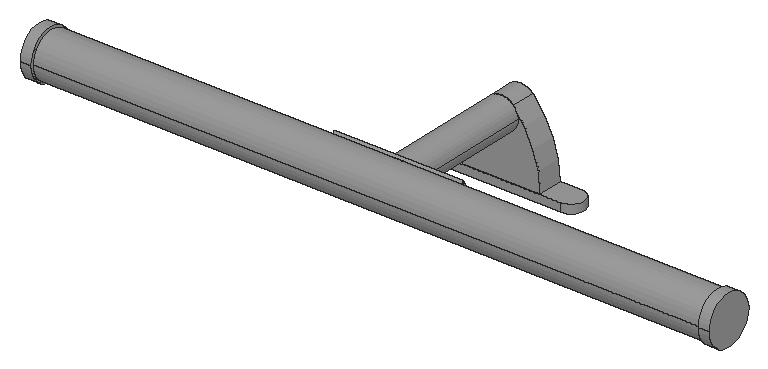
Revit family "0043235 Sylvania Lighting Fixture SYLMIRROR LED FLUTE IP44 WW Horizontal mount", category Lighting Fixtures, host Face, Revit 2016
Family settings
  Host = Face
  Part Type = Normal
  Round Connector Dimension = Use Diameter
  OmniClass Number = 23.80.70.00
  OmniClass Title = Lighting
  Cut with Voids When Loaded = No
  Light Source = No
  Shared = No
  Room Calculation Point = No
Parameters (values of type "0043235 SYLMIRROR LED FLUTE IP44 WW Horizontal mount")
  Weight = "0.606 kg"
  Wattage Comments = ""
  WarrantyStartDate [instance] = "n/a"
  WarrantyGuarantorParts = "n/a"
  WarrantyDurationUnit = "n/a"
  WarrantyDurationParts = "n/a"
  WarrantyDescription = "n/a"
  Voltage = 230 V
  URL = "http://www.sylvania-lighting.com"
  TypeName = "SYLMIRROR LED FLUTE IP44 WW Horizontal mount"
  TypeLamp_SYL = SylMirror LED Flute : 0043235 SylMirror LED Flute
  Type Image = <None>
  Type Comments = "n/a"
  SerialNumber [instance] = "n/a"
  Material_3_FEILO = none
  PowerFactor = 0
  PowerConsumption = "6 W"
  NominalLength = 400 mm
  NominalHeight = 52.6 mm
  NominalDepth = 115.3 mm
  Name = "SYLMIRROR LED FLUTE IP44 WW Horizontal mount"
  ModelReference = Name  # "SYLMIRROR LED FLUTE IP44 WW Horizontal mount"
  ModelNumber = "0043235"
  Model = Name  # "SYLMIRROR LED FLUTE IP44 WW Horizontal mount"
  Material = "pc housing, pc diffuser"
  ManufacturerName = "Feilo Sylvania"
  Manufacturer = "Feilo Sylvania"
  LuminousEfficacy = "90 lm/W"
  LuminaireType = ""
  LightOutputRatio = "100"
  LampsType = Lamp  # "LED"
  LampNominalLuminous = "540 lm"
  LampMacAdamStep = "6"
  LampColourTemperature = "3000 K"
  LampColourRenderingIndex = "80"
  Lamp = "LED"
  Keynote = "16500"
  InstallationDate [instance] = "n/a"
  InputVoltage = "220-240V~"
  InputNominalFrequency = "50/60 Hz"
  IngressProtection = "IP44"
  ImpactProtectionIndex = "IK03"
  IfcExportType = "IfcLightFixtureType"
  IfcExportAs = "IfcLightFixtureType"
  ExpectedLife = 50000
  ElectricShockClassification = "Class II"
  DurationUnit = "hours"
  DocumentationLiterature = "http://www.sylvania-lighting.com/product/en-int/products/0043235"
  DimmingControlOptions = "n/a"
  Material_2_FEILO = Diffuser-Sylvania-SylMirror
  Description = ""
  Default Elevation = 1219.2 mm
  CreatedOn = "7/17/2018"
  CreatedBy = "@sylvania-lighting.com"
  Cost = 0
  built-in parameter 1114216 [instance] = (empty or 0)
  ClassificationValue = "EF_70_80"
  ClassificationName = "Uniclass2015"
  Material_1_FEILO = Body-Sylvania-SylMirror
  BarCode [instance] = "n/a"
  AssetType = "Fixed"
  AssetIdentifier [instance] = "n/a"
  Assembly Code = "D5020200"
  Apparent Load = 6 VA
  Material_4_FEILO = none
Reference planes
  plane 1 "Center (Front/Back)": y = 0
  plane 2: z = 0
  plane 3 "Center (Left/Right)": x = 0
  plane 4: x = 200
  plane 5: x = -200
  plane 6: y = 7.5
  plane 7: y = -7.5
  plane 8: x = 42.5
  plane 9: x = -42.5
  plane 10: z = 45
  plane 11: z = 5
  plane 12: x = -25.5
  plane 13: x = 25.5
  plane 14: y = 7
  plane 15: y = -7
  plane 16: y = -112.2
  plane 17: z = 29
  plane 18: z = 46.8
  plane 19: z = 27.2
  plane 20: x = -35
  plane 21: x = 35
  plane 22: x = -17.5
  plane 23: x = 17.5
  plane 24: y = -68.6
  plane 25: x = 194.5
  plane 26: x = -194.5
  plane 27: z = 37
  plane 28: y = -90.4
  plane 29: z = 45.5
  plane 30: z = 28.5
  plane 31: y = -110.9
  plane 32: y = -69.9
  plane 33: y = -102.4
  plane 34: y = -78.4
  plane 35: z = 34
Forms (mm)
  Extrusion 1, solid, material "Body-Sylvania-SylMirror" <- "Material_1_FEILO"
    sketch origin (0, 0, 0) x (1, 0, 0) y (0, 1, 0)
      loop
        arc (-35, 7.5) -> (-42.5, 0) -> (-35, -7.5) r 7.5
        line (-35, -7.5) -> (35, -7.5)
        arc (35, -7.5) -> (42.5, 0) -> (35, 7.5) r 7.5
        line (35, 7.5) -> (-35, 7.5)
    from 0 to 5
Dimensions and locks
  locked: plane 10 to plane 2 at 45
  locked: plane 16 to plane 6 at 119.7
  locked: plane 11 to plane 2 at 5
  plane 15 to plane 1 "Center (Front/Back)" to plane 14 = 7 mm locked, 7 mm locked
  plane 7 to plane 1 "Center (Front/Back)" to plane 6 = 7.5 mm locked, 7.5 mm locked
  plane 5 to plane 3 "Center (Left/Right)" to plane 4 = 200 mm locked, 200 mm locked
  plane 12 to plane 3 "Center (Left/Right)" to plane 13 = 25.5 mm locked, 25.5 mm locked
  plane 9 to plane 3 "Center (Left/Right)" to plane 8 = 42.5 mm locked, 42.5 mm locked
  locked: plane 9 to plane 20 at 7.5
  locked: plane 21 to plane 8 at 7.5
  locked: plane 22 to plane 12 at 8
  locked: plane 13 to plane 23 at 8
  locked: plane 16 to plane 24 at 43.6
  locked: plane 5 to plane 26 at 5.5
  locked: plane 25 to plane 4 at 5.5
  locked: plane 27 to plane 10 at 8
  equal spacing: plane 17, plane 27, plane 10
  equal spacing: plane 19, plane 27, plane 18
  plane 19 to plane 18 = 19.6 mm
  locked: plane 16 to plane 28 at 21.8
  equal spacing: plane 30, plane 27, plane 29
  locked: plane 30 to plane 29 at 17
  equal spacing: plane 31, plane 28, plane 32
  locked: plane 16 to plane 31 at 1.3
  locked: plane 31 to plane 33 at 8.5
  locked: plane 34 to plane 32 at 8.5
  locked: plane 35 to plane 27 at 3
  aligned and locked: plane 2 to host face
  aligned and locked: level to host face
  aligned and locked: plane 20 to Extrusion 1 sketch curve  (x2)
  aligned and locked: plane 21 to Extrusion 1 sketch curve  (x2)
  aligned and locked: plane 7 to Extrusion 1 sketch curve  (x2)
  aligned and locked: plane 1 "Center (Front/Back)" to Extrusion 1 sketch curve
  aligned and locked: plane 6 to Extrusion 1 sketch curve
  aligned and locked: Extrusion 1 to plane 11
  aligned and locked: Extrusion 1 to level
  aligned and locked: plane 3 "Center (Left/Right)" to nested 1
  aligned and locked: plane 1 "Center (Front/Back)" to nested 1
Automatic sketch dimensions
  host sketch curve to host sketch curve = 2438.4 mm  (x2)
Nested families
  nested 1: "SylMirror LED Flute" at (0, 0, 5), type <- "TypeLamp_SYL", type "0043235 SylMirror LED Flute"
    with built-in parameter 1114216 (empty or 0)
Connectors
  electrical at (0, 0, 0), driven by "Apparent Load", driven by "PowerFactor", driven by "Voltage"
    settings: index 1, voltage 230 V, apparent load 6 VA, apparent load phase1 0 VA, apparent load phase2 0 VA, apparent load phase3 0 VA, power factor 0, load classification "Lighting", number of poles 1, system type 30, power factor state 1, is connector primary yes, connector utility no, sub classification motor no, connector description ""
Definition of nested family "SylMirror LED Flute"
  Parameters (values of type "0043210 SylMirror LED Flute")
    Wattage Comments = ""
    Wattage = 6 W
    built-in parameter 1150110 = 1 (stored number, unit not read)
    URL = "http://www.feilosylvania.com"
    Type Image = (empty or 0)
    Type Comments = "n/a"
    built-in parameter 1114217 = 1 (stored number, unit not read)
    Tilt Angle = -90.00°
    built-in parameter 1150109 = 1 (stored number, unit not read)
    built-in parameter 1150134 = 12
    built-in parameter 1150113 = 1 (stored number, unit not read)
    Photometric Web File = "0043210.IES"
    built-in parameter 1150142 = "﻿IESNA:LM-63-1995\r\n[TEST] 197208\r\n[DATE] 2017/9/27\r\n[MANUFAC] Feilo Sylvania\r\n[LUMCAT] W400S26-1  chorme 4000K\r\n[LUMINAIRE] \r\n[LAMPCAT] \r\n[LAMP] \r\nTILT=NONE\r\n1 -1 1.0 37 13 1 2 0.026 0.390 0.010\r\n1 1 5.939\r\n0.0 5.0 10.0 15.0 20.0 25.0 30.0 35.0 40.0 45.0 50.0 55.0 60.0 65.0 70.0 75.0 80.0 85.0 90.0 95.0 100.0 105.0 110.0 115.0 120.0 125.0 130.0 135.0 140.0 145.0 150.0 155.0 160.0 165.0 170.0 175.0 180.0\r\n0.0 15.0 30.0 45.0 60.0 75.0 90.0 105.0 120.0 135.0 150.0 165.0 180.0 \r\n103.374 104.863 107.694 105.757 103.523 101.735 100.395 99.948 96.820 94.139 92.053 89.372 87.138 84.010 80.882 77.456 74.924 70.604 65.093 62.263 59.284 50.942 0.149 37.387 42.303 41.260 37.238 23.684 0.149 0.894 13.555 16.087 12.810 8.937 2.830 0.447 \r\n0.000\r\n105.459 103.672 104.268 103.225 102.331 100.842 99.203 96.969 94.586 93.692 91.011 86.691 83.414 81.478 77.009 75.520 70.753 66.582 64.199 59.730 56.900 40.813 0.596 43.643 40.962 38.132 34.557 15.640 0.298 2.532 14.597 15.938 12.959 7.746 4.320 1.787 \r\n0.000\r\n106.204 105.310 105.906 103.523 102.629 99.203 97.714 93.841 91.607 88.032 83.861 79.690 77.605 72.689 68.370 65.093 62.263 59.879 55.411 53.325 46.920 15.789 8.044 38.281 36.196 32.621 26.365 0.000 0.894 11.469 16.683 13.406 8.937 7.746 5.064 1.192 0.447\r\n106.204 107.396 105.608 104.417 100.544 97.714 93.543 90.266 85.797 80.286 75.817 71.498 67.327 61.667 57.049 54.368 49.304 46.474 44.388 38.877 33.961 0.149 30.536 29.940 27.854 21.151 0.447 0.596 13.853 15.342 12.065 11.023 8.639 5.809 4.469 1.192 0.298\r\n105.012 105.161 104.417 102.629 99.054 93.990 89.372 83.265 78.797 74.626 67.774 60.624 56.156 49.155 44.537 38.728 34.408 30.387 28.450 24.131 0.894 17.428 21.002 17.725 0.894 2.234 12.810 14.449 12.959 10.576 8.788 7.895 5.809 5.660 1.787 1.341 0.000\r\n105.012 103.374 102.331 100.246 96.522 91.011 85.351 80.435 74.179 65.689 59.135 52.581 44.239 37.834 30.536 24.131 18.023 15.491 12.065 9.980 4.171 4.767 6.107 8.639 7.150 7.001 7.895 8.937 8.192 4.915 3.724 4.320 4.618 2.085 1.787 0.149 0.894\r\n103.970 103.374 103.076 97.714 96.820 90.564 84.904 78.052 71.200 62.858 57.794 48.559 42.005 31.578 26.216 17.874 9.235 4.767 0.000 0.894 2.681 0.000 0.000 0.000 1.490 0.000 0.000 0.894 0.596 1.192 0.000 0.000 0.000 0.000 0.000 0.894 0.894\r\n105.012 103.374 102.331 100.246 96.522 91.011 85.351 80.435 74.179 65.689 59.135 52.581 44.239 37.834 30.536 24.131 18.023 15.491 12.065 9.980 4.171 4.767 6.107 8.639 7.150 7.001 7.895 8.937 8.192 4.915 3.724 4.320 4.618 2.085 1.787 0.149 0.894\r\n105.012 105.161 104.417 102.629 99.054 93.990 89.372 83.265 78.797 74.626 67.774 60.624 56.156 49.155 44.537 38.728 34.408 30.387 28.450 24.131 0.894 17.428 21.002 17.725 0.894 2.234 12.810 14.449 12.959 10.576 8.788 7.895 5.809 5.660 1.787 1.341 0.000\r\n106.204 107.396 105.608 104.417 100.544 97.714 93.543 90.266 85.797 80.286 75.817 71.498 67.327 61.667 57.049 54.368 49.304 46.474 44.388 38.877 33.961 0.149 30.536 29.940 27.854 21.151 0.447 0.596 13.853 15.342 12.065 11.023 8.639 5.809 4.469 1.192 0.298\r\n106.204 105.310 105.906 103.523 102.629 99.203 97.714 93.841 91.607 88.032 83.861 79.690 77.605 72.689 68.370 65.093 62.263 59.879 55.411 53.325 46.920 15.789 8.044 38.281 36.196 32.621 26.365 0.000 0.894 11.469 16.683 13.406 8.937 7.746 5.064 1.192 0.447\r\n105.459 103.672 104.268 103.225 102.331 100.842 99.203 96.969 94.586 93.692 91.011 86.691 83.414 81.478 77.009 75.520 70.753 66.582 64.199 59.730 56.900 40.813 0.596 43.643 40.962 38.132 34.557 15.640 0.298 2.532 14.597 15.938 12.959 7.746 4.320 1.787 \r\n0.000\r\n103.374 104.863 107.694 105.757 103.523 101.735 100.395 99.948 96.820 94.139 92.053 89.372 87.138 84.010 80.882 77.456 74.924 70.604 65.093 62.263 59.284 50.942 0.149 37.387 42.303 41.260 37.238 23.684 0.149 0.894 13.555 16.087 12.810 8.937 2.830 0.447 \r\n0.000\r\n"
    Material_3_SYL = none
    Model = ""
    Manufacturer = "Feilo Sylvania"
    built-in parameter 1150105 = 42.972 (stored number, unit not read)
    Lumens = 540 lm
    built-in parameter 1150115 = 1 (stored number, unit not read)
    built-in parameter 1150137 = (empty or 0)
    built-in parameter 1150139 = (empty or 0)
    built-in parameter 1150112 = 1 (stored number, unit not read)
    built-in parameter 1150114 = 1 (stored number, unit not read)
    Lamp = ""
    Keynote = "16500"
    Material_2_SYL = none
    built-in parameter 1150132 = (empty or 0)
    built-in parameter 1150102 = (empty or 0)
    built-in parameter 1150107 = 4000 (stored number, unit not read)
    built-in parameter 1150138 = (empty or 0)
    built-in parameter 1150106 = 0.42972 (stored number, unit not read)
    Emit from Rectangle Width = 388 mm
    Emit from Rectangle Length = 20 mm
    Emit Shape Visible in Rendering = no
    built-in parameter 1150104 = 8.3613 (stored number, unit not read)
    Dimming Lamp Color Temperature Shift = (empty or 0)
    Description = ""
    Default Elevation = 1219.2 mm
    Cost = 0
    Color Filter = 16777215
    built-in parameter 1114216 [instance] = (empty or 0)
    ClassificationValue_old = "EF_70_80"
    ClassificationName_old = "Uniclass2015"
    Material_1_SYL = none
    built-in parameter 1114218 = 1 (stored number, unit not read)
    built-in parameter 1150133 = 10 (stored number, unit not read)
    Assembly Code = "D5020200"
    Apparent Load = 6 VA
    Material_4_SYL = none
  Types (2, lengths in mm): name | built-in parameter 1150134 | Photometric Web File | built-in parameter 1150107
    0043210 SylMirror LED Flute | 12 | "0043210.IES" | 4000 (stored number, unit not read)
    0043235 SylMirror LED Flute | (empty or 0) | "0043235.IES" | 3000 (stored number, unit not read)
  Reference planes
    plane 1 "Center (Front/Back)": y = 0
    plane 2: z = 0
    plane 3 "Center (Left/Right)": x = 0
    plane 4: x = 200
    plane 5: x = -200
    plane 6: y = 7
    plane 7: y = -7
    plane 8: y = -106
    plane 9: y = -91.9
    plane 10: z = 34
    plane 11: z = 43.5
    plane 12: z = 24.5
    plane 13: z = 47
    plane 14: z = 21
    plane 15: z = 48.1
    plane 16: z = 19.9
    plane 17: y = -104.9
    plane 18: x = 193.7
    plane 19: x = -193.7
    plane 20: x = 22.5
    plane 21: x = -22.5
    plane 22: z = 40.5
    plane 23: y = -58.5
    plane 24: x = 37.5
    plane 25: x = -37.5
    plane 26: y = -76.9
    plane 27: y = -78.9
    plane 28: y = -82.9
  Forms (mm)
    Extrusion 1, solid
      sketch origin (4.2, 0, 0) x (1, 0, 0) y (0, 1, 0)
        loop
          line (-1219.2, 1219.2) -> (-1219.2, -1219.2) -> (1219.2, -1219.2) -> (1219.2, 1219.2) -> (-1219.2, 1219.2)
      from 0 to -68.017
    Extrusion 2, solid, material <- "Material_1_SYL"
      sketch origin (1524, -7, 1219.2) x (1, 0, 0) y (0, 0, 1)
        loop
          line (-1546.5, -1219.2) -> (-1501.5, -1219.2)
          arc (-1501.5, -1219.2) -> (-1505.527, -1197.505) -> (-1517.072, -1178.7) r 60.453
          arc (-1517.072, -1178.7) -> (-1524, -1175.7) -> (-1530.928, -1178.7) r 9.5
          arc (-1530.928, -1178.7) -> (-1542.473, -1197.505) -> (-1546.5, -1219.2) r 60.453
      from 0 to -14
    Extrusion 3, solid, material <- "Material_2_SYL"
      sketch origin (0, 0, 0) x (0, 1, 0) y (0, 0, 1)
        loop
          circle (-91.9, 34) r 13
      from -193.7 to 193.7
    Extrusion 4, solid, material <- "Material_1_SYL"
      sketch origin (-200, 1524, 1219.2) x (0, 1, 0) y (0, 0, 1)
        loop
          circle (-1615.9, -1185.2) r 14.1
      from 0 to 6.3
    Extrusion 5, solid, material <- "Material_1_SYL"
      sketch origin (200, 1524, 1219.2) x (0, 1, 0) y (0, 0, 1)
        loop
          circle (-1615.9, -1185.2) r 14.1
      from 0 to -6.3
    Extrusion 6, solid, material <- "Material_1_SYL"
      sketch origin (1524, -7, 1219.2) x (1, 0, 0) y (0, 0, 1)
        loop
          circle (-1524, -1185.2) r 9.5
      from 0 to 75.9
    Revolve 7, solid, material <- "Material_1_SYL"
      sketch origin (0, 1219.825, 34) x (1, 0, 0) y (0, 1, 0)
        loop
          arc (-36.5, -1296.725) -> (-37.207, -1297.018) -> (-37.5, -1297.725) r 1
          line (-37.5, -1297.725) -> (-37.5, -1298.725) -> (37.5, -1298.725) -> (37.5, -1297.725)
          arc (37.5, -1297.725) -> (37.207, -1297.018) -> (36.5, -1296.725) r 1
          line (36.5, -1296.725) -> (-36.5, -1296.725)
        axis (37.5, -1311.725) -> (-37.5, -1311.725)
      angle from -45 to 45
  Cuts and joins
    joined: Extrusion 6, Revolve 7
  Lines and regions (mm)
    reference lines
      curve 1: circle (0, -7, 34) r 9.5 normal (0, -1, 0)
  Dimensions and locks
    plane 7 to plane 1 "Center (Front/Back)" to plane 6 = 7 mm locked, 7 mm locked
    plane 5 to plane 3 "Center (Left/Right)" to plane 4 = 200 mm locked, 200 mm locked
    equal spacing: plane 7, plane 1 "Center (Front/Back)", plane 6
    plane 7 to plane 6 = 14 mm
    locked: plane 8 to plane 6 at 113
    locked: plane 8 to plane 9 at 14.1
    locked: plane 10 to level at 34
    equal spacing: plane 14, plane 10, plane 13
    locked: plane 14 to plane 13 at 26
    equal spacing: plane 12, plane 10, plane 11
    locked: plane 12 to plane 11 at 19
    equal spacing: plane 16, plane 10, plane 15
    locked: plane 16 to plane 15 at 28.2
    locked: plane 8 to plane 17 at 1.1
    plane 5 to plane 4 = 400 mm
    locked: plane 5 to plane 19 at 6.3
    equal spacing: plane 19, plane 3 "Center (Left/Right)", plane 18
    plane 20 to plane 3 "Center (Left/Right)" to plane 21 = 22.5 mm locked, 22.5 mm locked
    locked: plane 11 to plane 22 at 3
    locked: plane 23 to plane 7 at 51.5
    plane 24 to plane 3 "Center (Left/Right)" to plane 25 = 37.5 mm locked, 37.5 mm locked
    locked: plane 9 to plane 26 at 15
    locked: plane 27 to plane 26 at 2
    locked: Revolve 7 sketch curve to plane 24 at 1
    locked: Revolve 7 sketch curve to plane 26 at 1  (x2)
    locked: plane 25 to Revolve 7 sketch curve at 1
    locked: plane 9 to plane 28 at 9
    aligned and locked: plane 2 to Extrusion 1
    aligned and locked: level to Extrusion 1
    aligned and locked: plane 3 "Center (Left/Right)" to curve 1
    aligned and locked: plane 10 to curve 1
    aligned and locked: plane 22 to Extrusion 2 sketch curve
    aligned and locked: plane 2 to Extrusion 2 sketch curve
    aligned and locked: Extrusion 2 to plane 6
    aligned and locked: plane 7 to Extrusion 2
    aligned and locked: plane 9 to Extrusion 3 sketch curve
    aligned and locked: plane 10 to Extrusion 3 sketch curve
    aligned and locked: plane 18 to Extrusion 3
    aligned and locked: Extrusion 3 to plane 19
    aligned and locked: plane 9 to Extrusion 4 sketch curve
    aligned and locked: plane 10 to Extrusion 4 sketch curve
    aligned and locked: plane 19 to Extrusion 4
    aligned and locked: Extrusion 4 to plane 5
    aligned and locked: Extrusion 5 sketch curve to Extrusion 4  (x2)
    aligned and locked: Extrusion 5 to plane 18
    aligned and locked: plane 4 to Extrusion 5
    aligned and locked: Extrusion 6 sketch curve to curve 1
    aligned and locked: Extrusion 6 to plane 7
    aligned and locked: plane 26 to Revolve 7 sketch curve
    aligned and locked: plane 25 to Revolve 7 sketch curve
    aligned and locked: Revolve 7 sketch curve to plane 27
    aligned and locked: Revolve 7 sketch curve to plane 24
    aligned and locked: Revolve 7 sketch curve to plane 9
    aligned and locked: plane 28 to Extrusion 6
    aligned and locked: plane 3 "Center (Left/Right)" to imposter light
    aligned and locked: plane 10 to imposter light
  Automatic sketch dimensions
    Extrusion 1 sketch curve to Extrusion 1 sketch curve = 2438.4 mm  (x2)
    Extrusion 2 sketch curve to plane 21 = 0 mm
    Extrusion 2 sketch curve to plane 3 "Center (Left/Right)" = 0 mm
    Extrusion 2 sketch curve to plane 22 = 0 mm
    Extrusion 2 sketch curve to plane 20 = 0 mm
    Extrusion 2 sketch curve to plane 10 = 0 mm
    Extrusion 2 sketch curve to Extrusion 2 sketch curve = 15.453 mm
    Revolve 7 sketch curve to plane 5 = 1334.635 mm
    plane 4 to Revolve 7 sketch curve = 1459.773 mm
    radius of curve 1 = 9.5 mm
    radius of Extrusion 3 sketch curve = 13 mm
    radius of Extrusion 4 sketch curve = 14.1 mm
